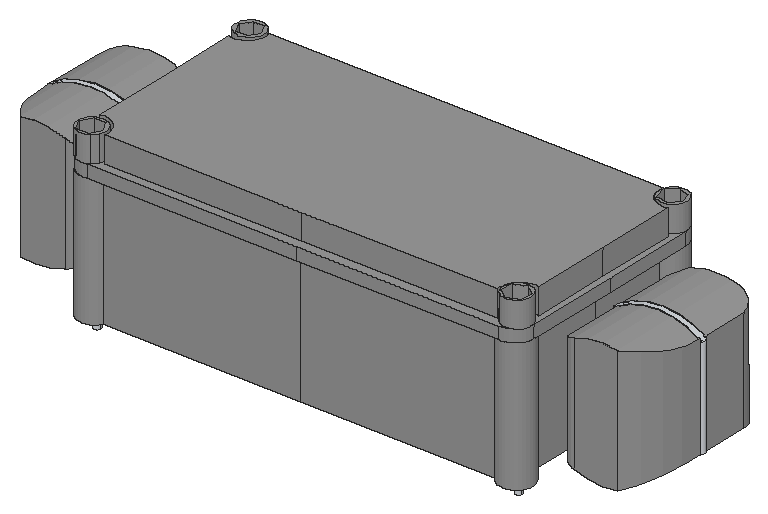
Revit family "CWP2LIFE-PRO-WPPOD-HV-BLK", category Lighting Fixtures, host Face, Revit 2020
Family settings
  Host = Face
  Round Connector Dimension = Use Diameter
  Part Type = Normal
  OmniClass Number = 23.80.70.11.21
  OmniClass Title = Emergency Lighting
  Cut with Voids When Loaded = No
  Light Source = Yes
  Shared = No
  Room Calculation Point = No
Parameters
  built-in parameter 1150107 = 3200 (stored number, unit not read)
  Straight line 'Face two' = no
  Straight line 'Face one' = no
  Straight line = no
  Runing Man common arrow = no
  Wattage = 9.2903 W
  built-in parameter 1150110 = 1 (stored number, unit not read)
  built-in parameter 1150109 = 1 (stored number, unit not read)
  built-in parameter 1114218 = 1 (stored number, unit not read)
  built-in parameter 1150113 = 1 (stored number, unit not read)
  built-in parameter 1150112 = 1 (stored number, unit not read)
  built-in parameter 1150137 = (empty or 0)
  built-in parameter 1150132 = (empty or 0)
  Model = ""
  Material = Clevertronics_White
  built-in parameter 1150105 = 316.49 (stored number, unit not read)
  built-in parameter 1150102 = (empty or 0)
  Dimming Lamp Color Temperature Shift = (empty or 0)
  Lumens = 1380 lm
  Color Filter = 16777215
  Photometric Web File = "CWP2LIFE-PRO-WPPOD_IESR_E_669-3_20180810.ies"
  built-in parameter 1114217 = 1 (stored number, unit not read)
  built-in parameter 1150139 = (empty or 0)
  Manufacturer = "Clevertronics"  # constant formula
  Lamp = "Twin Dual LED (Lifetime warranty on the lamp head and loom assembly)"  # constant formula
  Indication Right 'Face one' = no
  Indication Right = no
  Indication Left 'Face one' = yes
  Indication Left 'Face Two' = no
  Indication Left = yes
  built-in parameter 1150104 = 13.8 (stored number, unit not read)
  built-in parameter 1150106 = 3.1649 (stored number, unit not read)
  built-in parameter 1150115 = 1 (stored number, unit not read)
  built-in parameter 1150114 = 1 (stored number, unit not read)
  Description = "LP Premium LifeLight PRO, high performance, surface mounted IP65 Emergency with twin\r\nrotatable LED Pods"  # constant formula
  Default Elevation = 2100 mm
  built-in parameter 1150138 = (empty or 0)
  built-in parameter 1150134 = 3
  Clevertronics_Weight = "3.4kg"  # constant formula
  Clevertronics_Testing System = "Zoneworks XT HIVE (RF)"  # constant formula
  Clevertronics_Replacement Lamp = "2750353"  # constant formula
  Clevertronics_Replacement Battery = "1550050:Battery, LP 3.2V 3200mAh 70mm lead, no Bracket"  # constant formula
  Clevertronics_Product Description = "LP Premium LifeLight PRO, high performance, surface mounted IP65 Emergency with twin rotatable LED Pods"  # constant formula
  Clevertronics_Power Consumption = "0.8 Watts (Standby), 5.5 Watts (Max)"  # constant formula
  Clevertronics_Part Number = "CWP2LIFE-PRO-WPPOD-HV-BLK"  # constant formula
  Clevertronics_Operating Voltage = "240V AC; 50Hz"  # constant formula
  Clevertronics_Operating Temperature = "0˚C to 40˚C"  # constant formula
  Clevertronics_Operating Mode = "Non-maintained"  # constant formula
  Clevertronics_Mounting = "Surface mount"  # constant formula
  Clevertronics_MIC Number = "AUT02820100001"
  Clevertronics_IP Rating = "IP65"  # constant formula
  Clevertronics_Dimensions Main Enclosure = "520mm x 180mm x 135mm"  # constant formula
  Clevertronics_Dimensions LED Enclosure = ""
  Clevertronics_Construction = "Polycarbonate"  # constant formula
  Clevertronics_Charger Method = "Intelligent current limited constant voltage"  # constant formula
  Clevertronics_Battery Type = "Lithium Iron Phosphate"  # constant formula
  Clevertronics_Battery = "3.2V 3200mAh"  # constant formula
  Clevertronics_AS2293 Classification = "C0=D160 C90=D160"  # constant formula
  Tilt Angle = -60.00°
  built-in parameter 1150133 = 10 (stored number, unit not read)
  Apparent Load = 5.5 VA
Reference planes
  plane 1 "Centre (Front/Back)": y = 0
  plane 2: z = 0
  plane 3 "Centre (Left/Right)": x = 0
  plane 4: x = -260
  plane 5: x = 260
  plane 6: x = -180
  plane 7: x = 180
  plane 8: z = 135
  plane 9: z = 88.893
  plane 10: z = 90.032
  plane 11: z = 90.032
  plane 12: x = -226.351
  plane 13: y = 72.701
  plane 14: x = 226.351
  plane 15: y = 72.701
  plane 16: y = 36.567
  plane 17: y = 36.055
  plane 18: y = 36.055
  plane 19: x = -226.351
  plane 20: z = 62.299
  plane 21: x = 226.351
  plane 22: z = 62.299
Forms (mm)
  Extrusion 1, solid, material "Plastic, Opaque Black", not visible
    sketch origin (0.434, 0, -1.107) x (1, 0, 0) y (0, 0, 1)
      loop
        line (167.5, 90) -> (167.5, 153.759)
        arc (167.5, 153.759) -> (176.678, 174.399) -> (154.099, 173.75) r 13.346
        line (154.099, 173.75) -> (0, 173.75) -> (-157.642, 173.75)
        arc (-157.642, 173.75) -> (-180.146, 174.512) -> (-171.312, 153.801) r 13.346
        line (-171.312, 153.801) -> (-171.312, 90) -> (-171.312, 26.597)
        arc (-171.312, 26.597) -> (-181.17, 6.239) -> (-158.551, 6.25) r 13.346
        line (-158.551, 6.25) -> (0, 6.25) -> (154.099, 6.25)
        arc (154.099, 6.25) -> (176.678, 5.601) -> (167.5, 26.241) r 13.346
        line (167.5, 26.241) -> (167.5, 90)
    from -15.011 to -135
  Extrusion 2, solid, material "Plastic, Opaque Black", not visible
    sketch origin (0.813, 0, -0.543) x (1, 0, 0) y (0, 0, 1)
      loop
        arc (-175.488, 179.053) -> (-180.882, 174.233) -> (-183.423, 167.462) r 15.135
        arc (-183.423, 167.462) -> (-160.983, 160.611) -> (-175.488, 179.053) r 12.295
    from -15.011 to 0
  Extrusion 3, void, not visible
    sketch origin (-0.097, 0, 0.032) x (1, 0, 0) y (0, 0, 1)
      loop
        line (-166.821, 177.777) -> (-177.974, 174.788) -> (-180.963, 163.635) -> (-172.798, 155.47) -> (-161.644, 158.458) -> (-158.656, 169.612) -> (-166.821, 177.777)
    from -15.011 to 0
  Extrusion 4, solid, not visible
    sketch origin (-0.097, 0, 0.032) x (1, 0, 0) y (0, 0, 1)
      loop
        circle (168.404, 167.557) r 2.735
      loop
        circle (-168.404, 167.557) r 2.735
      loop
        circle (-168.404, 12.443) r 2.735
      loop
        circle (168.404, 12.443) r 2.735
    from -143.943 to -121.835
  Extrusion 5, solid, material "Plastic, Opaque Black", not visible
    sketch origin (1.371, 12.5, 0.032) x (0, 1, 0) y (0, 0, -1)
      loop
        circle (59.358, -90) r 11
    from 172.249 to 196.249
  Extrusion 6, solid, material "Plastic, Opaque Black", not visible
    sketch origin (-1.566, 12.5, 0.032) x (0, 1, 0) y (0, 0, 1)
      loop
        circle (59.358, 90) r 11
    from 172.249 to 196.249
  Extrusion 7, solid, material "Plastic, Opaque Black", not visible
    sketch origin (2.403, 135, 0.032) x (1, 0, 0) y (0, 0, -1)
      loop
        line (-182.781, -90) -> (-182.781, -165)
        arc (-182.781, -165) -> (-177.609, -176.393) -> (-165.629, -180) r 15.135
        line (-165.629, -180) -> (0, -180) -> (160.445, -180)
        arc (160.445, -180) -> (172.426, -176.393) -> (177.597, -165) r 15.135
        line (177.597, -165) -> (177.597, -90) -> (177.597, -13.75)
        arc (177.597, -13.75) -> (170.627, -1.006) -> (156.137, 0) r 15.135
        line (156.137, 0) -> (0, 0) -> (-161.321, 0)
        arc (-161.321, 0) -> (-175.811, -1.006) -> (-182.781, -13.75) r 15.135
        line (-182.781, -13.75) -> (-182.781, -90)
    from -119.989 to -108.841
  Extrusion 8, solid, material "Plastic, Opaque Black", not visible
    sketch origin (-0.097, 135, 0.032) x (1, 0, 0) y (0, 0, -1)
      loop
        arc (-175.137, -154.19) -> (-160.832, -158.237) -> (-157.036, -172.61) r 15
        line (-157.036, -172.61) -> (0.531, -172.61) -> (157.036, -172.61)
        arc (157.036, -172.61) -> (160.832, -158.237) -> (175.137, -154.19) r 15
        line (175.137, -154.19) -> (175.137, -90) -> (175.137, -25.81)
        arc (175.137, -25.81) -> (160.832, -21.763) -> (157.036, -7.39) r 15
        line (157.036, -7.39) -> (0.531, -7.39) -> (-157.036, -7.39)
        arc (-157.036, -7.39) -> (-160.832, -21.763) -> (-175.137, -25.81) r 15
        line (-175.137, -25.81) -> (-175.137, -90) -> (-175.137, -154.19)
    from -119.989 to -127.534
  Extrusion 9, solid, material "Plastic, Opaque Black", not visible
    sketch origin (307.03, 135, -15.069) x (1, 0, 0) y (0, 0, -1)
      loop
        circle (-138.804, -182.699) r 11
    from -135 to -114.915
  Extrusion 10, solid, material "Plastic, Opaque Black", not visible
    sketch origin (306.874, 135, 193.571) x (1, 0, 0) y (0, 0, -1)
      loop
        arc (-145.569, 191.608) -> (-147.471, 189.713) -> (-149.008, 187.511) r 15.135
        arc (-149.008, 187.511) -> (-130.225, 175.235) -> (-145.569, 191.608) r 11.3
    from -135 to -114.915
  Extrusion 11, solid, material "Plastic, Opaque Black", not visible
    sketch origin (-307.068, 135, 193.571) x (-1, 0, 0) y (0, 0, 1)
      loop
        arc (-143.85, -191.764) -> (-127.42, -174.478) -> (-147.289, -187.668) r 12
        arc (-147.289, -187.668) -> (-145.752, -189.869) -> (-143.85, -191.764) r 15.135
    from -135 to -114.915
  Extrusion 12, void, not visible
    sketch origin (-0.097, 134.989, 0.032) x (1, 0, 0) y (0, 0, -1)
      loop
        line (-170.288, -22.701) -> (-160.288, -16.928) -> (-160.288, -5.381) -> (-170.288, 0.393) -> (-180.288, -5.381) -> (-180.288, -16.928) -> (-170.288, -22.701)
    from -134.989 to -119.989
  Extrusion 13, void, not visible
    sketch origin (-0.41, 134.989, 0.032) x (1, 0, 0) y (0, 0, -1)
      loop
        line (159.928, -173.668) -> (169.806, -178.066) -> (178.34, -171.865) -> (177.21, -161.112) -> (167.573, -156.821) -> (158.825, -163.177) -> (159.928, -173.668)
    from -135 to -119.989
  Extrusion 14, void, not visible
    sketch origin (-0.41, 135, -0.28) x (1, 0, 0) y (0, 0, -1)
      loop
        line (164.895, -21.167) -> (175.272, -19.338) -> (178.876, -9.435) -> (172.103, -1.363) -> (161.725, -3.193) -> (158.121, -13.095) -> (164.895, -21.167)
    from -135 to -119.989
  Extrusion 15, solid, material "Glass, Matte", not visible
    sketch origin (0.05, 0, -33.75) x (1, 0, 0) y (0, 0, 1)
      loop
        line (-194.841, 112.413) -> (-259.656, 112.413)
        arc (-259.656, 112.413) -> (-254.739, 82.736) -> (-238.501, 57.413) r 74.597
        line (-238.501, 57.413) -> (-203.501, 57.413)
        arc (-203.501, 57.413) -> (-198.345, 58.484) -> (-194.841, 62.413) r 8.399
        line (-194.841, 62.413) -> (-194.841, 112.413)
    from -21.055 to -124.118
  Extrusion 16, solid, not visible
    sketch origin (5.003, 0, -33.75) x (1, 0, 0) y (0, 0, 1)
      loop
        line (-264.82, 112.376) -> (-231.354, 112.376) -> (-197.548, 112.376)
        arc (-197.548, 112.376) -> (-194.969, 114.978) -> (-197.593, 117.534) r 2.579
        line (-197.593, 117.534) -> (-231.354, 117.534) -> (-264.774, 117.534)
        arc (-264.774, 117.534) -> (-267.398, 114.978) -> (-264.82, 112.376) r 2.579
    from -21.055 to -124.118
  Extrusion 17, solid, material "Plastic, Opaque Black", not visible
    sketch origin (-455.196, 0, 195.355) x (-0.999987, 0, -0.005135) y (0.005135, 0, -0.999987)
      loop
        line (-194.841, 112.773) -> (-259.656, 112.773) -> (-259.656, 73.919)
        arc (-259.656, 73.919) -> (-256.152, 64.124) -> (-247.229, 58.775) r 15.441
        line (-247.229, 58.775) -> (-211.129, 58.775)
        arc (-211.129, 58.775) -> (-200.008, 63.146) -> (-194.841, 73.919) r 16.331
        line (-194.841, 73.919) -> (-194.841, 112.773)
    from -21.055 to -124.118
  Extrusion 18, void, not visible
    sketch origin (-0.163, 0.115, 0) x (-1, 0, 0) y (0, -1, 0)
      loop
        line (187.287, -133.323) -> (264.787, -133.323) -> (264.787, -110.324)
        arc (264.787, -110.324) -> (226.037, -123.825) -> (187.287, -110.324) r 62.361
        line (187.287, -110.324) -> (187.287, -133.323)
      loop
        line (187.287, -11.851) -> (187.287, -34.849)
        arc (187.287, -34.849) -> (226.037, -21.348) -> (264.787, -34.849) r 62.361
        line (264.787, -34.849) -> (264.787, -11.851) -> (187.287, -11.851)
    from 0 to 250
  Extrusion 19, solid, material "Glass, Matte", not visible
    sketch origin (-0.05, 0, -33.75) x (-1, 0, 0) y (0, 0, -1)
      loop
        line (-194.841, -112.413) -> (-194.841, -62.413)
        arc (-194.841, -62.413) -> (-198.345, -58.484) -> (-203.501, -57.413) r 8.399
        line (-203.501, -57.413) -> (-238.501, -57.413)
        arc (-238.501, -57.413) -> (-254.739, -82.736) -> (-259.656, -112.413) r 74.597
        line (-259.656, -112.413) -> (-194.841, -112.413)
    from -21.055 to -124.118
  Extrusion 20, solid, not visible
    sketch origin (-5.003, 0, -33.75) x (-1, 0, 0) y (0, 0, -1)
      loop
        arc (-264.82, -112.376) -> (-267.398, -114.978) -> (-264.774, -117.534) r 2.579
        line (-264.774, -117.534) -> (-231.354, -117.534) -> (-197.593, -117.534)
        arc (-197.593, -117.534) -> (-194.969, -114.978) -> (-197.548, -112.376) r 2.579
        line (-197.548, -112.376) -> (-231.354, -112.376) -> (-264.82, -112.376)
    from -21.055 to -124.118
  Extrusion 21, solid, material "Plastic, Opaque Black", not visible
    sketch origin (455.196, 0, 195.355) x (0.999987, 0, -0.005135) y (0.005135, 0, 0.999987)
      loop
        line (-194.841, -112.773) -> (-194.841, -73.919)
        arc (-194.841, -73.919) -> (-200.008, -63.146) -> (-211.129, -58.775) r 16.331
        line (-211.129, -58.775) -> (-247.229, -58.775)
        arc (-247.229, -58.775) -> (-256.152, -64.124) -> (-259.656, -73.919) r 15.441
        line (-259.656, -73.919) -> (-259.656, -112.773) -> (-194.841, -112.773)
    from -21.055 to -124.118
  Extrusion 22, void, not visible
    sketch origin (0.163, 0.115, 0) x (1, 0, 0) y (0, 1, 0)
      loop
        line (187.287, 133.323) -> (187.287, 110.324)
        arc (187.287, 110.324) -> (226.037, 123.825) -> (264.787, 110.324) r 62.361
        line (264.787, 110.324) -> (264.787, 133.323) -> (187.287, 133.323)
      loop
        line (187.287, 11.851) -> (264.787, 11.851) -> (264.787, 34.849)
        arc (264.787, 34.849) -> (226.037, 21.348) -> (187.287, 34.849) r 62.361
        line (187.287, 34.849) -> (187.287, 11.851)
    from 0 to 250
  Extrusion 23, solid, material "Laminate, Black"
    sketch origin (0.434, -53.433, 135) x (1, 0, 0) y (0, 1, 0)
      loop
        line (167.5, 90) -> (167.5, 153.759)
        arc (167.5, 153.759) -> (176.678, 174.399) -> (154.099, 173.75) r 13.346
        line (154.099, 173.75) -> (0, 173.75) -> (-157.642, 173.75)
        arc (-157.642, 173.75) -> (-180.146, 174.512) -> (-171.312, 153.801) r 13.346
        line (-171.312, 153.801) -> (-171.312, 90) -> (-171.312, 26.597)
        arc (-171.312, 26.597) -> (-181.17, 6.239) -> (-158.551, 6.25) r 13.346
        line (-158.551, 6.25) -> (0, 6.25) -> (154.831, 6.25)
        arc (154.831, 6.25) -> (177.612, 5.91) -> (167.5, 26.326) r 13.346
        line (167.5, 26.326) -> (167.5, 90)
    from -30 to -135
  Extrusion 24, solid
    sketch origin (-0.097, -52.294, 135) x (1, 0, 0) y (0, 1, 0)
      loop
        circle (168.404, 167.557) r 2.735
      loop
        circle (-168.404, 167.557) r 2.735
      loop
        circle (-168.404, 12.443) r 2.735
      loop
        circle (168.404, 12.443) r 2.735
    from -143.943 to -130
  Extrusion 25, solid, material "Laminate, Black"
    sketch origin (1.371, -52.294, 122.5) x (0, 0, -1) y (0, -1, 0)
      loop
        circle (59.358, -90) r 11
    from 172.249 to 196.249
  Extrusion 26, solid, material "Laminate, Black"
    sketch origin (-1.566, -52.294, 122.5) x (0, 0, -1) y (0, 1, 0)
      loop
        circle (59.358, 90) r 11
    from 172.249 to 196.249
  Extrusion 27, solid, material "Laminate, Black"
    sketch origin (2.343, 126.055, 246.281) x (1, 0, 0) y (0, 1, 0)
      loop
        line (-185.208, -90) -> (-185.208, -165)
        arc (-185.208, -165) -> (-180.037, -176.393) -> (-168.056, -180) r 15.135
        line (-168.056, -180) -> (0, -180) -> (160.445, -180)
        arc (160.445, -180) -> (172.426, -176.393) -> (177.597, -165) r 15.135
        line (177.597, -165) -> (177.597, -90) -> (177.597, -13.75)
        arc (177.597, -13.75) -> (170.627, -1.006) -> (156.137, 0) r 15.135
        line (156.137, 0) -> (0, 0) -> (-163.748, 0)
        arc (-163.748, 0) -> (-178.239, -1.006) -> (-185.208, -13.75) r 15.135
        line (-185.208, -13.75) -> (-185.208, -90)
    from -131.343 to -141.343
  Extrusion 28, solid, material "Laminate, Black"
    sketch origin (-0.157, 126.055, 251.281) x (1, 0, 0) y (0, 1, 0)
      loop
        arc (-175.137, -154.19) -> (-160.832, -158.237) -> (-157.036, -172.61) r 15
        line (-157.036, -172.61) -> (0.531, -172.61) -> (157.036, -172.61)
        arc (157.036, -172.61) -> (160.832, -158.237) -> (175.137, -154.19) r 15
        line (175.137, -154.19) -> (175.137, -90) -> (175.137, -25.81)
        arc (175.137, -25.81) -> (160.832, -21.763) -> (157.036, -7.39) r 15
        line (157.036, -7.39) -> (0.531, -7.39) -> (-157.036, -7.39)
        arc (-157.036, -7.39) -> (-160.832, -21.763) -> (-175.137, -25.81) r 15
        line (-175.137, -25.81) -> (-175.137, -90) -> (-175.137, -154.19)
    from -115.903 to -136.343
  Extrusion 29, solid, material "Laminate, Black"
    sketch origin (306.784, -67.806, 258.781) x (1, 0, 0) y (0, 1, 0)
      loop
        arc (-145.569, 191.608) -> (-147.471, 189.713) -> (-149.008, 187.511) r 15.135
        arc (-149.008, 187.511) -> (-130.225, 175.235) -> (-145.569, 191.608) r 11.3
    from -143.843 to -123.403
  Extrusion 30, solid, material "opaque"
    sketch origin (0.05, -86.076, 135) x (1, 0, 0) y (0, 1, 0)
      loop
        line (-194.841, 112.413) -> (-259.656, 112.413)
        arc (-259.656, 112.413) -> (-254.739, 82.736) -> (-238.501, 57.413) r 74.597
        line (-238.501, 57.413) -> (-203.501, 57.413)
        arc (-203.501, 57.413) -> (-198.345, 58.484) -> (-194.841, 62.413) r 8.399
        line (-194.841, 62.413) -> (-194.841, 112.413)
    from -21.055 to -124.118
  Extrusion 31, solid
    sketch origin (5.003, -86.076, 135) x (1, 0, 0) y (0, 1, 0)
      loop
        line (-264.82, 112.376) -> (-231.354, 112.376) -> (-197.548, 112.376)
        arc (-197.548, 112.376) -> (-194.969, 114.978) -> (-197.593, 117.534) r 2.579
        line (-197.593, 117.534) -> (-231.354, 117.534) -> (-264.774, 117.534)
        arc (-264.774, 117.534) -> (-267.398, 114.978) -> (-264.82, 112.376) r 2.579
    from -21.055 to -124.118
  Extrusion 32, solid, material "Laminate, Black"
    sketch origin (-455.196, 143.029, 135) x (-0.999987, -0.005135, 0) y (0.005135, -0.999987, 0)
      loop
        line (-194.841, 112.773) -> (-259.656, 112.773) -> (-259.656, 73.919)
        arc (-259.656, 73.919) -> (-256.152, 64.124) -> (-247.229, 58.775) r 15.441
        line (-247.229, 58.775) -> (-211.129, 58.775)
        arc (-211.129, 58.775) -> (-200.008, 63.146) -> (-194.841, 73.919) r 16.331
        line (-194.841, 73.919) -> (-194.841, 112.773)
    from -21.055 to -124.118
  Extrusion 33, void
    sketch origin (-0.163, -52.326, 134.885) x (-1, 0, 0) y (0, 0, 1)
      loop
        line (187.287, -133.323) -> (264.787, -133.323) -> (264.787, -110.324)
        arc (264.787, -110.324) -> (226.037, -123.825) -> (187.287, -110.324) r 62.361
        line (187.287, -110.324) -> (187.287, -133.323)
      loop
        line (187.287, -11.851) -> (187.287, -34.849)
        arc (187.287, -34.849) -> (226.037, -21.348) -> (264.787, -34.849) r 62.361
        line (264.787, -34.849) -> (264.787, -11.851) -> (187.287, -11.851)
    from 0 to 250
  Extrusion 34, solid, material "opaque"
    sketch origin (-0.05, -86.076, 135) x (-1, 0, 0) y (0, -1, 0)
      loop
        line (-194.841, -112.413) -> (-194.841, -62.413)
        arc (-194.841, -62.413) -> (-198.345, -58.484) -> (-203.501, -57.413) r 8.399
        line (-203.501, -57.413) -> (-238.501, -57.413)
        arc (-238.501, -57.413) -> (-254.739, -82.736) -> (-259.656, -112.413) r 74.597
        line (-259.656, -112.413) -> (-194.841, -112.413)
    from -21.055 to -124.118
  Extrusion 35, solid
    sketch origin (-5.003, -86.076, 135) x (-1, 0, 0) y (0, -1, 0)
      loop
        arc (-264.82, -112.376) -> (-267.398, -114.978) -> (-264.774, -117.534) r 2.579
        line (-264.774, -117.534) -> (-231.354, -117.534) -> (-197.593, -117.534)
        arc (-197.593, -117.534) -> (-194.969, -114.978) -> (-197.548, -112.376) r 2.579
        line (-197.548, -112.376) -> (-231.354, -112.376) -> (-264.82, -112.376)
    from -21.055 to -124.118
  Extrusion 36, solid, material "Laminate, Black"
    sketch origin (455.196, 143.029, 135) x (0.999987, -0.005135, 0) y (0.005135, 0.999987, 0)
      loop
        line (-194.841, -112.773) -> (-194.841, -73.919)
        arc (-194.841, -73.919) -> (-200.008, -63.146) -> (-211.129, -58.775) r 16.331
        line (-211.129, -58.775) -> (-247.229, -58.775)
        arc (-247.229, -58.775) -> (-256.152, -64.124) -> (-259.656, -73.919) r 15.441
        line (-259.656, -73.919) -> (-259.656, -112.773) -> (-194.841, -112.773)
    from -21.055 to -124.118
  Extrusion 37, void
    sketch origin (0.163, -52.326, 134.885) x (1, 0, 0) y (0, 0, -1)
      loop
        line (187.287, 133.323) -> (187.287, 110.324)
        arc (187.287, 110.324) -> (226.037, 123.825) -> (264.787, 110.324) r 62.361
        line (264.787, 110.324) -> (264.787, 133.323) -> (187.287, 133.323)
      loop
        line (187.287, 11.851) -> (264.787, 11.851) -> (264.787, 34.849)
        arc (264.787, 34.849) -> (226.037, 21.348) -> (187.287, 34.849) r 62.361
        line (187.287, 34.849) -> (187.287, 11.851)
    from 0 to 250
  Extrusion 38, solid, material "Laminate, Black"
    sketch origin (-309.716, -66.712, 251.281) x (-1, 0, 0) y (0, -1, 0)
      loop
        arc (-145.569, -191.608) -> (-130.225, -175.235) -> (-149.008, -187.511) r 11.3
        arc (-149.008, -187.511) -> (-147.471, -189.713) -> (-145.569, -191.608) r 15.135
    from -136.343 to -115.903
  Extrusion 39, solid, material "Laminate, Black"
    sketch origin (-309.56, 140.071, 251.281) x (-1, 0, 0) y (0, -1, 0)
      loop
        arc (-145.569, 191.608) -> (-147.471, 189.713) -> (-149.008, 187.511) r 15.135
        arc (-149.008, 187.511) -> (-130.225, 175.235) -> (-145.569, 191.608) r 11.3
    from -136.343 to -115.903
  Extrusion 40, solid, material "Laminate, Black"
    sketch origin (307.097, 141.165, 258.781) x (1, 0, 0) y (0, 1, 0)
      loop
        arc (-145.569, -191.608) -> (-130.225, -175.235) -> (-149.008, -187.511) r 11.3
        arc (-149.008, -187.511) -> (-147.471, -189.713) -> (-145.569, -191.608) r 15.135
    from -143.843 to -123.403
  Extrusion 41, void
    sketch origin (0.565, 0.625, -15.061) x (1, 0, 0) y (0, 1, 0)
      loop
        line (-166.454, 123.546) -> (-176.018, 123.546) -> (-180.8, 115.263) -> (-176.018, 106.98) -> (-166.454, 106.98) -> (-161.672, 115.263) -> (-166.454, 123.546)
    from 131.308 to 163.58
  Extrusion 42, void
    sketch origin (-0.528, -0.469, -7.561) x (1, 0, 0) y (0, 1, 0)
      loop
        line (158.746, 117.974) -> (161.332, 108.322) -> (170.983, 105.736) -> (178.048, 112.801) -> (175.462, 122.453) -> (165.811, 125.039) -> (158.746, 117.974)
    from 131.308 to 151.428
  Extrusion 43, void
    sketch origin (0.565, 0.938, -7.561) x (1, 0, 0) y (0, 1, 0)
      loop
        line (168.253, -32.155) -> (158.919, -36.507) -> (158.021, -46.767) -> (166.458, -52.675) -> (175.792, -48.322) -> (176.69, -38.062) -> (168.253, -32.155)
    from 131.308 to 156.891
  Extrusion 44, void
    sketch origin (-3.185, -1.771, -15.061) x (1, 0, 0) y (0, 1, 0)
      loop
        line (-172.955, -32.144) -> (-177.959, -40.812) -> (-172.955, -49.479) -> (-162.947, -49.479) -> (-157.943, -40.812) -> (-162.947, -32.144) -> (-172.955, -32.144)
    from 131.308 to 151.428
Cuts and joins
  Extrusion 33 cuts Extrusion 30
  Extrusion 33 cuts Extrusion 31
  Extrusion 33 cuts Extrusion 32
  Extrusion 37 cuts Extrusion 34
  Extrusion 37 cuts Extrusion 35
  Extrusion 37 cuts Extrusion 36
  Extrusion 41 cuts Extrusion 38
  Extrusion 42 cuts Extrusion 29
  Extrusion 43 cuts Extrusion 40
  Extrusion 44 cuts Extrusion 39
Dimensions and locks
  plane 5 to plane 4 = 520 mm
  plane 8 to level = 135 mm  (x2)
  plane 5 to plane 3 "Centre (Left/Right)" to plane 4 = 260 mm, 260 mm
  plane 6 to plane 4 = 80 mm
  plane 5 to plane 7 = 80 mm
  plane 4 to plane 5 = 520 mm
  Extrusion 27 to Extrusion 27 = 180 mm
  aligned and locked: plane 2 to host face
  aligned and locked: level to host face
Connectors
  electrical at (-1.125, 36.607, 0)
    settings: on Extrusion 23, index 1, voltage 0 V, apparent load 0 VA, apparent load phase1 0 VA, apparent load phase2 0 VA, apparent load phase3 0 VA, power factor 1, load classification "Autre", number of poles 1, system type 31, power factor state 1, is connector primary yes, connector utility no, sub classification motor no, connector description ""
